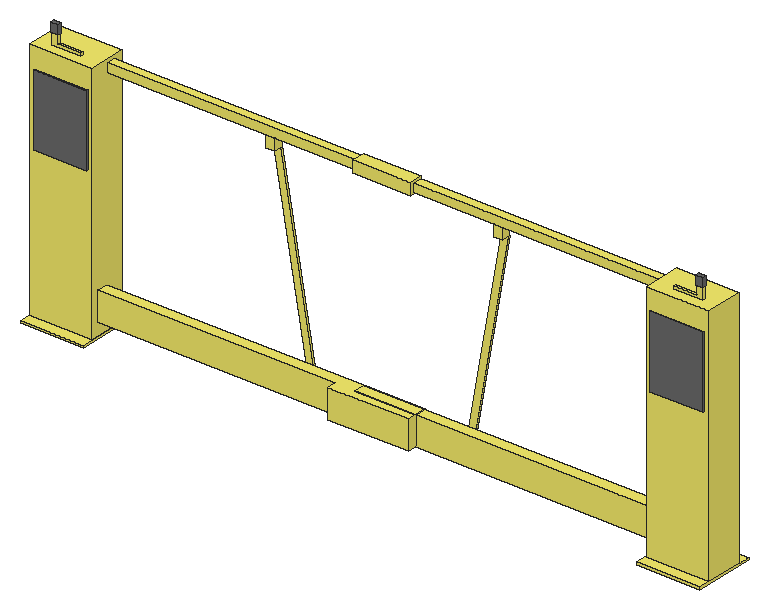
Revit family "Safety_Dock-Gate_Nova-Tech_Sentinel", category Generic Models, Revit 2015
Parameters
  topbarsidelength = Unit Width - topbarlength + (0' 9 1/4" * 2) + 0' 5"  # 4' - 9 1/4"
  topbarlength = (Unit Width / 2) + 1' 2 1/4"  # 5' - 2 1/4"
  openangle [instance] = if(Gate Closed, 0.00°, 90.00°)  # 0.00°
  centerbraceangle [instance] = if(Gate Closed, 100.00°, 100.00° - openangle - 5.00°)  # 100.00°
  bottombarsidelength = Unit Width - bottombarlength + (0' 3 3/4" * 2) + 0' 7" + 0' 7"  # 4' - 9"
  bottombarlength = (Unit Width / 2) + 1' 0 1/2"  # 5' - 0 1/2"
  Warranty Duration (Years) = 0
  Unit Width = 8' - 0"
  Unit Height = 3' - 6 1/2"
  Unit Depth = 0' - 10 1/2"
  URL = "http://www.novalocks.com/"
  Test Data = ""
  Specification = "http://arcat.com/arcatcos/cos43/arc43493.html?isac=1&r=2"
  SpecWizard = ""
  Send Message = "http://www.arcat.com/users.pl?action=UserEmail&company=Nova+Technology&coid=43493&rep=132&fax=262-502-1511&mf="
  Sales Information = "http://www.novalocks.com/general-contact-info/"
  Revision = "R1_04-2013"
  Product Properties = ""
  Product Data = "http://arcat.com/arcatcos/cos43/arc43493.html?isac=1&r=2"
  Model = "As Specified"
  Manufacturer Website = "http://www.novalocks.com/"
  Manufacturer Phone - Toll Free = "800-236-7325"
  Manufacturer Phone = "262-502-1591"
  Manufacturer Fax = "262-502-1511"
  Manufacturer Address = "N90 W14507 Commerce Dr. Menomonee Falls, WI 53051"
  Manufacturer = "Nova Technology"
  Maintenance Schedule (Months) = 0
  Keynote = "11160"
  Installation-Fabrication = ""
  Installation Phase = ""
  Green Building-LEED = ""
  Gate Open [instance] = not(Gate Closed)  # no
  Gate Closed [instance] = yes
  Fixture Material = Metal - Nova - Yellow
  Expected Lifespan (Years) = 0
  Drawn By = "Sumex Design, Inc. / Robert S. Weygant, CSI, CDT, SCIP"
  Description = "Nova Technology Dock Product as Specified"
  Default Elevation = 4' - 0"
  Copyright = "©Arcat Inc."
  Construction Details = ""
  Capacity = "32000 lbs"
  Building Codes = ""
  Assembly Code = "E1030300"
  Accent [instance] = Metal - Nova - Black
Reference planes (in)
  plane 1 "Wall Side": y = 0
  plane 2 "Host": z = 0
  plane 3 "Center (Left/Right)": x = 0
  plane 4 "OH": y = -10.5
  plane 5 "Top": z = 42.5
  plane 6: x = -48
  plane 7: x = 48
  plane 8: z = 2.5
  plane 9: z = 5
  plane 10: x = -51.75
  plane 11: x = 51.75
  plane 12: z = 42
  plane 13: x = -57.25
  plane 14: x = 57.25
  plane 15: z = 41.25
Forms (in)
  Extrusion 1, solid, material "Metal - Nova - Yellow" <- "Fixture Material"
    sketch origin (0, 0, 0) x (1, 0, 0) y (0, 1, 0)
      loop
        line (-48, 0) -> (-59, 0) -> (-59, -10.5) -> (-48, -10.5) -> (-48, 0)
      loop
        line (48, 0) -> (48, -10.5) -> (59, -10.5) -> (59, 0) -> (48, 0)
    from 0 to 0.4
  Extrusion 2, solid, material "Metal - Nova - Yellow" <- "Fixture Material"
    sketch origin (0, 0, 0) x (1, 0, 0) y (0, 1, 0)
      loop
        line (-59, -8.5) -> (-48.25, -8.5) -> (-48.25, -2) -> (-59, -2) -> (-59, -8.5)
      loop
        line (59, -8.5) -> (59, -2) -> (48.25, -2) -> (48.25, -8.5) -> (59, -8.5)
    from 0 to 42.5
  Extrusion 3, solid, material "Metal - Nova - Yellow" <- "Fixture Material"
    sketch origin (-51.75, 0, 5) x (1, 0, 0) y (0, 0, 1)
      loop
        line (58.75, -2.5) -> (58.75, 2.5) -> (-1.75, 2.5) -> (-1.75, -2.5) -> (58.75, -2.5)
    from 5.25 to 7.25
  Extrusion 4, solid, material "Metal - Nova - Yellow" <- "Fixture Material"
    sketch origin (-51.75, 0, 5) x (1, 0, 0) y (0, 0, 1)
      loop
        line (58.75, 2.5) -> (44.75, 2.5) -> (44.75, -2.5) -> (58.75, -2.5) -> (58.75, 2.5)
    from 5.25 to 8.75
  Extrusion 5, solid, material "Metal - Nova - Yellow" <- "Fixture Material"
    sketch origin (51.75, 0, 5) x (-1, 0, 0) y (0, 0, -1)
      loop
        line (55.25, -2.5) -> (55.25, 2.5) -> (-1.75, 2.5) -> (-1.75, -2.5) -> (55.25, -2.5)
    from 5.25 to 7.25
  Extrusion 6, solid, material "Metal - Nova - Yellow" <- "Fixture Material"
    sketch origin (-11.94222, -10.5, 48) x (-1, 0, 0) y (0, 0, 1)
      loop
        line (44.55778, -5.5) -> (44.55778, -3.5) -> (43.55778, -3.5) -> (43.55778, -5) -> (39.55778, -5) -> (39.55778, -5.5) -> (44.55778, -5.5)
      loop
        line (-68.44222, -5.5) -> (-63.44222, -5.5) -> (-63.44222, -5) -> (-67.44222, -5) -> (-67.44222, -3.5) -> (-68.44222, -3.5) -> (-68.44222, -5.5)
    from 3.76421 to 4.0972
  Extrusion 7, solid, material "Metal - Nova - Black" <- "Accent"
    sketch origin (-11.94222, -10.5, 48) x (-1, 0, 0) y (0, 0, 1)
      loop
        line (43.43278, -3.5) -> (44.68278, -3.5) -> (44.68278, -1.875) -> (43.43278, -1.875) -> (43.43278, -3.5)
      loop
        line (-67.31722, -3.5) -> (-67.31722, -1.875) -> (-68.56722, -1.875) -> (-68.56722, -3.5) -> (-67.31722, -3.5)
    from 3.63277 to 4.19996
  Extrusion 8, solid, material "Metal - Nova - Yellow" <- "Fixture Material"
    sketch origin (-57.25, 0, 41.25) x (1, 0, 0) y (0, 0, 1)
      loop
        line (0, 0.75) -> (0, -0.75) -> (62.25, -0.75) -> (62.25, 0.75) -> (0, 0.75)
    from 3.75 to 5.25
  Extrusion 9, solid, material "Metal - Nova - Yellow" <- "Fixture Material"
    sketch origin (-57.25, 0, 41.25) x (1, 0, 0) y (0, 0, 1)
      loop
        line (62.25, 1) -> (52.25, 1) -> (52.25, -1) -> (62.25, -1) -> (62.25, 1)
    from 3.5 to 5.75
  Extrusion 10, solid, material "Metal - Nova - Yellow" <- "Fixture Material"
    sketch origin (57.25, 0, 41.25) x (-1, 0, 0) y (0, 0, -1)
      loop
        line (0, -0.75) -> (57.25, -0.75) -> (57.25, 0.75) -> (0, 0.75) -> (0, -0.75)
    from 3.75 to 5.25
  Extrusion 11, solid, material "Metal - Nova - Yellow" <- "Fixture Material"
    sketch origin (-61.25, 0, 41.25) x (1, 0, 0) y (0, 0, 1)
      loop
        line (42.25, -0.75) -> (40.75, -0.75) -> (40.75, -2.75) -> (42.25, -2.75) -> (42.25, -0.75)
    from 3.75 to 5.25
  Extrusion 12, solid, material "Metal - Nova - Yellow" <- "Fixture Material"
    sketch origin (61.25, 0, 41.25) x (-1, 0, 0) y (0, 0, -1)
      loop
        line (42.25, 0.75) -> (42.25, 2.75) -> (40.75, 2.75) -> (40.75, 0.75) -> (42.25, 0.75)
    from 3.75 to 5.25
  Extrusion 13, solid, material "Metal - Nova - Yellow" <- "Fixture Material"
    sketch origin (-19.75, 0, 38.5) x (0.173648, 0, -0.984808) y (0.984808, 0, 0.173648)
      loop
        line (34.01679, -0.625) -> (34.01679, 0.625) -> (0, 0.625) -> (0, -0.625) -> (34.01679, -0.625)
    from 3.5 to 3.75
  Extrusion 14, solid, material "Metal - Nova - Yellow" <- "Fixture Material"
    sketch origin (19.75, 0, 38.5) x (-0.173648, 0, -0.984808) y (0.984808, 0, -0.173648)
      loop
        line (0, 0.625) -> (0, -0.625) -> (34.01679, -0.625) -> (34.01679, 0.625) -> (0, 0.625)
    from 3.5 to 3.75
  Extrusion 15, solid, material "Metal - Nova - Black" <- "Accent"
    sketch origin (-11.94222, -10.5, 48) x (-1, 0, 0) y (0, 0, 1)
      loop
        line (46.16719, -9.02821) -> (36.91719, -9.02821) -> (36.91719, -21.52821) -> (46.16719, -21.52821) -> (46.16719, -9.02821)
      loop
        line (-70.05163, -9.02821) -> (-70.05163, -21.52821) -> (-60.80163, -21.52821) -> (-60.80163, -9.02821) -> (-70.05163, -9.02821)
    from 1.81056 to 2
Cuts and joins
  joined: Extrusion 3, Extrusion 4
  joined: Extrusion 8, Extrusion 9
Lines and regions (in)
  reference lines
    curve 1: line (-51.75, 0, 5) -> (-7, 0, 5)
    curve 3: line (51.75, 0, 5) -> (7, 0, 5)
    curve 4: line (-57.25, 0, 41.25) -> (-33.25, 0, 41.25)
    curve 5: line (57.25, 0, 41.25) -> (33.25, 0, 41.25)
    curve 6: line (-19.75, 0, 38.5) -> (-13.84305, 0, 5)
    curve 7: line (19.75, 0, 38.5) -> (13.84305, 0, 5)
  symbolic lines
    curve 2: line (-48.25, -8.5, 0) -> (-48.25, -7.25, 0)
Dimensions and locks (in)
  equal spacing: plane 6, plane 3 "Center (Left/Right)", plane 7
  "Unit Width": plane 6 to plane 7
  "Unit Depth": plane 4 "OH" to plane 1 "Wall Side"
  "Unit Height": plane 5 "Top" to level
  locked: plane 7 to Extrusion 1 sketch curve at 11
  locked: Extrusion 1 sketch curve to plane 6 at 11
  locked: Extrusion 2 sketch curve to plane 6 at 11
  locked: plane 7 to Extrusion 2 sketch curve at 11
  locked: plane 7 to Extrusion 2 sketch curve at 0.25
  locked: Extrusion 2 sketch curve to plane 6 at 0.25
  locked: plane 8 to level at 2.5
  locked: Extrusion 3 sketch curve to Extrusion 3 sketch curve at 5
  locked: plane 6 to plane 10 at 3.75
  "bottombarlength": Extrusion 3 sketch curve to Extrusion 3 sketch curve
  "bottombarlength": Extrusion 3 to Extrusion 4 sketch curve
  locked: Extrusion 4 sketch curve to Extrusion 4 sketch curve at 14
  "bottombarsidelength": Extrusion 5 sketch curve to Extrusion 5 sketch curve
  locked: Extrusion 5 sketch curve to Extrusion 5 sketch curve at 5
  plane 6 to Extrusion 6 sketch curve to Extrusion 6 sketch curve to Extrusion 6 sketch curve = 0' - 3 1/2" locked, 0' - 4" locked, 0' - 1" locked
  Extrusion 6 sketch curve to Extrusion 6 sketch curve to Extrusion 6 sketch curve to plane 7 = 0' - 1" locked, 0' - 4" locked, 0' - 3 1/2" locked
  locked: plane 5 "Top" to plane 12 at 0.5
  locked: plane 6 to plane 13 at 9.25
  locked: plane 11 to plane 7 at 3.75
  locked: plane 14 to plane 7 at 9.25
  locked: plane 12 to plane 15 at 0.75
  "topbarlength": Extrusion 8 sketch curve to Extrusion 8 sketch curve
  locked: Extrusion 8 sketch curve to Extrusion 8 sketch curve at 1.5
  "topbarlength": Extrusion 8 to Extrusion 9 sketch curve
  locked: Extrusion 9 sketch curve to Extrusion 9 sketch curve at 10
  "topbarsidelength": Extrusion 10 sketch curve to Extrusion 10 sketch curve
  "openangle": angle plane 9 to curve 1
  "openangle": angle curve 3 to plane 9
  "openangle": angle plane 15 to curve 4
  "openangle": angle curve 5 to plane 15
  "centerbraceangle": angle curve 4 to curve 6
  "centerbraceangle": angle curve 7 to curve 5
  aligned and locked: plane 7 to Extrusion 1 sketch curve
  aligned and locked: plane 1 "Wall Side" to Extrusion 1 sketch curve
  aligned and locked: plane 4 "OH" to Extrusion 1 sketch curve
  aligned and locked: Extrusion 1 sketch curve to plane 1 "Wall Side"
  aligned and locked: Extrusion 1 sketch curve to plane 4 "OH"
  aligned and locked: plane 6 to Extrusion 1 sketch curve
  aligned and locked: Extrusion 2 to plane 5 "Top"
  aligned and locked: plane 9 to curve 1
  aligned and locked: plane 10 to curve 1
  aligned and locked: plane 11 to curve 3
  aligned and locked: plane 9 to curve 3
  aligned and locked: plane 13 to curve 4
  aligned and locked: plane 15 to curve 4
  aligned and locked: plane 14 to curve 5
  aligned and locked: plane 15 to curve 5
Automatic sketch dimensions
  curve 2 to plane 6 = 0' - 0 1/4"
  plane 4 "OH" to curve 2 = 0' - 2"
  curve 2 to curve 2 = 0' - 1 1/4"
  plane 4 "OH" to Extrusion 2 sketch curve = 0' - 2"  (x2)
  plane 1 "Wall Side" to Extrusion 2 sketch curve = 0' - 2"  (x2)
  Extrusion 3 sketch curve to curve 1 = 0' - 1 3/4"
  Extrusion 3 sketch curve to curve 1 = 0' - 2 1/2"
  curve 1 to Extrusion 4 sketch curve = 0' - 2 1/2"
  Extrusion 4 sketch curve to curve 1 = 0' - 2 1/2"
  Extrusion 5 sketch curve to curve 3 = 0' - 1 3/4"
  Extrusion 5 sketch curve to curve 3 = 0' - 2 1/2"
  Extrusion 6 sketch curve to plane 5 "Top" = 0' - 0"  (x2)
  plane 5 "Top" to Extrusion 6 sketch curve = 0' - 0 1/2"  (x2)
  Extrusion 6 sketch curve to Extrusion 6 sketch curve = 0' - 1 1/2"  (x2)
  plane 14 to Extrusion 7 sketch curve = 0' - 0 5/8"
  Extrusion 7 sketch curve to Extrusion 7 sketch curve = 0' - 1 1/4"
  plane 13 to Extrusion 7 sketch curve = 0' - 1 7/8"
  plane 13 to Extrusion 7 sketch curve = 0' - 0 5/8"
  plane 5 "Top" to Extrusion 7 sketch curve = 0' - 2"  (x2)
  Extrusion 7 sketch curve to Extrusion 7 sketch curve = 0' - 1 5/8"  (x2)
  Extrusion 8 sketch curve to curve 4 = 0' - 0"
  Extrusion 8 sketch curve to curve 4 = 0' - 0 3/4"
  curve 4 to Extrusion 9 sketch curve = 0' - 1"
  Extrusion 9 sketch curve to curve 4 = 0' - 1"
  Extrusion 10 sketch curve to curve 5 = 0' - 0"
  Extrusion 10 sketch curve to curve 5 = 0' - 0 3/4"
  curve 5 to Extrusion 10 sketch curve = 0' - 0 3/4"
  curve 4 to Extrusion 11 sketch curve = 0' - 0 3/4"
  curve 4 to Extrusion 11 sketch curve = 1' - 0 3/4"
  Extrusion 11 sketch curve to Extrusion 11 sketch curve = 0' - 1 1/2"
  Extrusion 11 sketch curve to Extrusion 11 sketch curve = 0' - 2"
  Extrusion 12 sketch curve to curve 5 = 0' - 0 3/4"
  curve 5 to Extrusion 12 sketch curve = 1' - 0 3/4"
  Extrusion 12 sketch curve to Extrusion 12 sketch curve = 0' - 1 1/2"
  Extrusion 12 sketch curve to Extrusion 12 sketch curve = 0' - 2"
  curve 7 to curve 5 = 0' - 2 3/4"
  curve 5 to curve 7 = 1' - 1 1/2"
  curve 4 to curve 6 = 0' - 2 3/4"
  curve 4 to curve 6 = 1' - 1 1/2"
  Extrusion 13 sketch curve to curve 6 = 0' - 0"  (x2)
  Extrusion 13 sketch curve to curve 6 = 0' - 0 5/8"
  curve 6 to Extrusion 13 sketch curve = 0' - 0 5/8"
  Extrusion 14 sketch curve to curve 7 = 0' - 0"  (x2)
  Extrusion 14 sketch curve to curve 7 = 0' - 0 5/8"
  curve 7 to Extrusion 14 sketch curve = 0' - 0 5/8"
  Extrusion 15 sketch curve to plane 14 = 0' - 0.85941"
  plane 7 to Extrusion 15 sketch curve = 0' - 0.85941"
  Extrusion 15 sketch curve to plane 6 = 0' - 0.85941"
  Extrusion 15 sketch curve to plane 13 = 0' - 0.85941"
  Extrusion 15 sketch curve to plane 15 = 1' - 2.77821"  (x2)
  Extrusion 15 sketch curve to plane 15 = 0' - 2.27821"  (x2)
